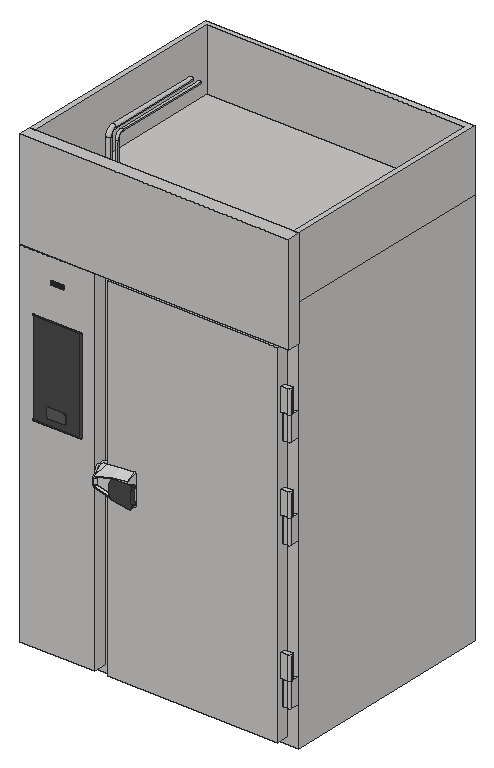
Revit family "QF_ZANUSSI_110556_ZBFA22LRE", category Specialty Equipment, Revit 2018
Family settings
  Round Connector Dimension = Use Radius
  Part Type = Normal
  Work Plane-Based = No
  Always vertical = Yes
  Cut with Voids When Loaded = No
  Shared = Yes
  Room Calculation Point = No
Parameters
  Weight = 0.00 kg
  Watts = 209.032 W
  Volts = 380 V
  URL Manufacturer = "http://www.zanussiprofessional.com"
  URL = "http://www.zanussiprofessional.com"
  Steam Supply Size = 0"
  Steam Supply Minimum Pressure = 0.00 psi
  Steam Supply Maximum Pressure = 0.00 psi
  Steam Pounds per Hour = 0
  Show Logo [instance] = yes
  Refrigeration Suction Line Size = 0"
  Refrigeration Liquid Line Size = 0"
  Refrigerant Compressor Remote = yes
  Phase = 3
  Model = "ZBFA22LRE"
  Manufacturer = "Zanussi"
  Length Actual = 1400 mm  # constant formula
  Item Number = "110556"
  Hot Water Size = 0"
  Height Actual = 2270 mm  # constant formula
  HP = "3 HP"
  Gas Size = 0"
  Gas KW = 0
  Gas Input Pressure = 0.0 Btu/h
  Description = "RAPIDO BLAST CHILLER FREEZER 150/120KG 20 GN 2/1 - REMOTE REFRIGERATING UNIT"
  Depth Actual = 1266 mm  # constant formula
  Cycle = 60 Hz
  Condensate Return Size = 0"
  Compressed Air Volume = 0 GPM
  Compressed Air Size = 0"
  Compressed Air Pressure = 0.00 psi
  Cold Water Size = 0"
  Assembly Code = ""
  Show Clearance [instance] = yes
  Accessory = yes
Reference planes
  plane 1 "BACK": y = 1
  plane 2: z = 0
  plane 3 "LEFT": x = 0
  plane 4 "RIGHT": x = 1400
  plane 5 "FRONT": y = -1205
  plane 6 "TOP": z = 2400
  plane 7 "Center Y": x = 700
  plane 8: y = -2155
  plane 9: y = -602
Forms (mm)
  Extrusion 1, solid, material "QF_Clearance", visible <- "Show Clearance", detail levels coarse
    sketch origin (0, 0, -70) x (1, 0, 0) y (0, 1, 0)
      loop
        line (0, -1205) -> (0, 1) -> (1400, 1) -> (1400, -1205) -> (1500, -1205) -> (1500, 101) -> (-100, 101) -> (-100, -1205) -> (0, -1205)
    from 70 to 2670
  Extrusion 2, solid, material "QF_Finishes_Stainless Steel"
    sketch origin (349.253, 33, 630.991) x (-1, 0, 0) y (0, -1, 0)
      loop
        line (349.253, 1172.759) -> (349.253, 1238) -> (-39.747, 1238) -> (-39.747, 1172.759) -> (349.253, 1172.759)
    from -597 to 1254
  Extrusion 3, solid, material "QF_Finishes_Stainless Steel"
    sketch origin (596.16, 27.971, -70) x (1, 0, 0) y (0, 1, 0)
      loop
        line (743.84, -1172.971) -> (-141.16, -1172.971) -> (-141.16, -1232.971) -> (743.84, -1232.971) -> (743.84, -1172.971)
    from 103.991 to 1945.25
  Extrusion 4, solid, material "QF_Door-Drawer Clearances", visible <- "Show Clearance", detail levels coarse
    sketch origin (875, -72.029, -91.802) x (-1, 0, 0) y (0, -1, 0)
      loop
        line (-465, 2025.971) -> (-465, 1132.971) -> (420, 1132.971)
        arc (420, 1132.971) -> (153.836, 1754.227) -> (-465, 2025.971) r 920
    from 125.793 to 1967.052
  Extrusion 5, solid, material "QF_Finishes_Stainless Steel"
    sketch origin (0, -1139.759, 0) x (0, 1, 0) y (-1, 0, 0)
      loop
        line (1140.759, 0) -> (0.759, 0) -> (0.759, -1400) -> (1140.759, -1400) -> (1140.759, 0)
    from 0 to 2080
  Extrusion 6, solid, material "QF_Finishes_Stainless Steel"
    sketch origin (0, 0, -70) x (0, 1, 0) y (0, 0, 1)
      loop
        line (-1139, 2470) -> (-1205, 2470) -> (-1205, 1956) -> (-1139, 1956) -> (-1139, 2470)
    from 0 to 1400
  Extrusion 7, solid, material "QF_Finishes_Stainless Steel"
    sketch origin (0, -1139.759, 2080) x (0, 1, 0) y (-1, 0, 0)
      loop
        line (1140.759, 0) -> (0.759, 0) -> (0.759, -27.807) -> (1112.952, -27.807) -> (1112.952, -1372.193) -> (0.759, -1372.193) -> (0.759, -1400) -> (1140.759, -1400) -> (1140.759, 0)
    from 0 to 320
  Extrusion 8, solid, material "QF_Clearance", visible <- "Show Clearance", detail levels coarse
    sketch origin (0, 0, 2400) x (-1, 0, 0) y (0, -1, 0)
      loop
        line (0, 1205) -> (-1400, 1205) -> (-1400, -1) -> (0, -1) -> (0, 1205)
    from 0 to 200
  Extrusion 9, solid, material "QF_Finishes_Stainless Steel"
    sketch origin (-390.239, -0.977, 1172.559) x (1, 0, 0) y (0, 1, 0)
      loop
        line (1730.239, -1159.557) -> (1730.239, -1186.759) -> (1771.078, -1186.759)
        arc (1771.078, -1186.759) -> (1778.149, -1183.83) -> (1781.078, -1176.759) r 10
        line (1781.078, -1176.759) -> (1781.078, -1169.557)
        arc (1781.078, -1169.557) -> (1778.149, -1162.486) -> (1771.078, -1159.557) r 10
        line (1771.078, -1159.557) -> (1730.239, -1159.557)
    from 398 to 516
  Extrusion 10, solid, material "QF_Finishes_Stainless Steel"
    sketch origin (-388.989, -0.977, 1172.559) x (1, 0, 0) y (0, 1, 0)
      loop
        line (1779.828, -1138.023) -> (1738.215, -1138.023) -> (1738.215, -1176.759)
        arc (1738.215, -1176.759) -> (1741.143, -1183.83) -> (1748.215, -1186.759) r 10
        line (1748.215, -1186.759) -> (1769.828, -1186.759)
        arc (1769.828, -1186.759) -> (1776.899, -1183.83) -> (1779.828, -1176.759) r 10
        line (1779.828, -1176.759) -> (1779.828, -1138.023)
    from 269 to 396
  Extrusion 11, solid, material "QF_Finishes_Handrails and Railings"
    sketch origin (0, -1205, -139.705) x (-1, 0, 0) y (0, 0, 1)
      loop
        arc (-455, 1022.346) -> (-433.392, 1027.289) -> (-413, 1035.976) r 124.815
        arc (-413, 1035.976) -> (-402.037, 1046.425) -> (-398, 1061.023) r 28.412
        line (-398, 1061.023) -> (-398, 1124.287)
        arc (-398, 1124.287) -> (-402.037, 1138.885) -> (-413, 1149.334) r 28.412
        arc (-413, 1149.334) -> (-433.392, 1158.021) -> (-455, 1162.964) r 124.815
        line (-455, 1162.964) -> (-455, 1022.346)
    from 0 to 25
  Extrusion 12, solid, material "QF_Finishes_Stainless Steel"
    sketch origin (0, 1, -70) x (1, 0, 0) y (0, 0, 1)
      loop
        circle (50.191, 2279.706) r 10
    from -2 to 0
  Extrusion 13, solid
    sketch origin (0, 0, -70) x (1, 0, 0) y (0, 1, 0)
      loop
        circle (271, -895) r 12.7
    from 180 to 190
  Sweep 14, solid, material "QF_Finishes_Stainless Steel"
    path in 3D
      loop
        line (196, -872.727, 2090) -> (196, -872.727, 2314.785)
        arc (196, -872.727, 2314.785) -> (196, -863.94, 2335.999) -> (196, -842.727, 2344.785) r 30
        line (196, -842.727, 2344.785) -> (196, -337, 2344.785)
    profile origin (196, -589.864, 2344.785) x (-1, 0, 0) y (0, 0, 1)
      loop
        circle (0, -0.785) r 11
  Sweep 15, solid, material "QF_Finishes_Stainless Steel"
    path in 3D
      loop
        line (239, -337, 2344) -> (239, -842.727, 2344)
        arc (239, -842.727, 2344) -> (239, -863.94, 2335.213) -> (239, -872.727, 2314) r 30
        line (239, -872.727, 2314) -> (239, -872.727, 2090)
    profile origin (239, -589.864, 2344) x (1, 0, 0) y (0, 0, 1)
      loop
        circle (0, 0) r 6
  Extrusion 16, solid, material "QF_Finishes_Stainless Steel"
    sketch origin (0, -1139.759, 2080) x (0, 1, 0) y (-1, 0, 0)
      loop
        line (272.791, -163.68) -> (262.791, -163.68)
        arc (262.791, -163.68) -> (252.185, -168.074) -> (247.791, -178.68) r 15
        line (247.791, -178.68) -> (247.791, -270.358)
        arc (247.791, -270.358) -> (252.185, -280.965) -> (262.791, -285.358) r 15
        line (262.791, -285.358) -> (272.791, -285.358)
        arc (272.791, -285.358) -> (283.398, -280.965) -> (287.791, -270.358) r 15
        line (287.791, -270.358) -> (287.791, -178.68)
        arc (287.791, -178.68) -> (283.398, -168.074) -> (272.791, -163.68) r 15
    from 0 to 10
  Blend 17, solid, material "QF_Finishes_Handrails and Railings"
    base sketch origin (0, -1205, -139.705) x (1, 0, 0) y (0, 0, 1)
      loop
        arc (455, 1162.964) -> (433.392, 1158.021) -> (413, 1149.334) r 124.815
        arc (413, 1149.334) -> (402.037, 1138.885) -> (398, 1124.287) r 28.412
        line (398, 1124.287) -> (398, 1061.023)
        arc (398, 1061.023) -> (402.037, 1046.425) -> (413, 1035.976) r 28.412
        arc (413, 1035.976) -> (433.392, 1027.289) -> (455, 1022.346) r 124.815
        arc (455, 1022.346) -> (524.77, 1014.896) -> (594.859, 1011.587) r 1185.63
        arc (594.859, 1011.587) -> (600.607, 1013.879) -> (603, 1019.586) r 8
        line (603, 1019.586) -> (603, 1165.724)
        arc (603, 1165.724) -> (600.607, 1171.431) -> (594.859, 1173.723) r 8
        arc (594.859, 1173.723) -> (524.77, 1170.414) -> (455, 1162.964) r 1185.63
    top sketch origin (0, -1205, -139.705) x (1, 0, 0) y (0, 0, 1)
      loop
        line (421, 1108.337) -> (421, 1076.973)
        arc (421, 1076.973) -> (423.295, 1069.915) -> (429.302, 1065.557) r 12
        arc (429.302, 1065.557) -> (515.086, 1044.22) -> (603, 1034.974) r 636.459
        line (603, 1034.974) -> (603, 1150.336)
        arc (603, 1150.336) -> (515.086, 1141.09) -> (429.302, 1119.753) r 636.459
        arc (429.302, 1119.753) -> (423.295, 1115.395) -> (421, 1108.337) r 12
    from 0 to 50
  Blend 18, void
    base sketch origin (0, -1255, -139.705) x (-1, 0, 0) y (0, 0, 1)
      loop
        arc (-430.843, 1114.996) -> (-515.866, 1136.151) -> (-603, 1145.333) r 631.459
        line (-603, 1145.333) -> (-603, 1039.977)
        arc (-603, 1039.977) -> (-515.866, 1049.159) -> (-430.843, 1070.314) r 631.459
        arc (-430.843, 1070.314) -> (-427.339, 1072.856) -> (-426, 1076.973) r 7
        line (-426, 1076.973) -> (-426, 1108.337)
        arc (-426, 1108.337) -> (-427.339, 1112.454) -> (-430.843, 1114.996) r 7
    top sketch origin (0, -1255, -139.705) x (-1, 0, 0) y (0, 0, 1)
      loop
        arc (-432.384, 1110.24) -> (-516.647, 1131.211) -> (-603, 1140.33) r 626.459
        line (-603, 1140.33) -> (-603, 1044.98)
        arc (-603, 1044.98) -> (-516.647, 1054.099) -> (-432.384, 1075.07) r 626.459
        arc (-432.384, 1075.07) -> (-431.382, 1075.797) -> (-431, 1076.973) r 2
        line (-431, 1076.973) -> (-431, 1108.337)
        arc (-431, 1108.337) -> (-431.382, 1109.513) -> (-432.384, 1110.24) r 2
    from 0 to 10
  Blend 19, solid, material "QF_Finishes_Black"
    base sketch origin (0, -1245, -139.705) x (1, 0, 0) y (0, 0, 1)
      loop
        arc (628.567, 1043.419) -> (622.014, 1092.655) -> (628.567, 1141.89) r 188.232
        arc (628.567, 1141.89) -> (627.358, 1147.991) -> (621.77, 1150.721) r 7
        arc (621.77, 1150.721) -> (572.304, 1148.509) -> (523.16, 1142.458) r 636.459
        arc (523.16, 1142.458) -> (507.711, 1092.655) -> (523.16, 1042.852) r 88
        arc (523.16, 1042.852) -> (572.304, 1036.801) -> (621.77, 1034.589) r 636.459
        arc (621.77, 1034.589) -> (627.358, 1037.319) -> (628.567, 1043.419) r 7
    top sketch origin (0, -1245, -139.705) x (1, 0, 0) y (0, 0, 1)
      loop
        arc (626.748, 1050.703) -> (622.014, 1092.655) -> (626.748, 1134.607) r 188.232
        arc (626.748, 1134.607) -> (625.775, 1138.85) -> (621.845, 1140.722) r 5
        arc (621.845, 1140.722) -> (569.023, 1138.185) -> (516.603, 1131.203) r 626.459
        arc (516.603, 1131.203) -> (507.711, 1092.655) -> (516.603, 1054.107) r 88
        arc (516.603, 1054.107) -> (569.023, 1047.124) -> (621.845, 1044.588) r 626.459
        arc (621.845, 1044.588) -> (625.775, 1046.46) -> (626.748, 1050.703) r 5
    from 20 to 0
  Extrusion 20, solid, material "QF_Finishes_Stainless Steel"
    sketch origin (-390.239, -0.977, 692.559) x (1, 0, 0) y (0, 1, 0)
      loop
        line (1730.239, -1159.557) -> (1730.239, -1186.759) -> (1771.078, -1186.759)
        arc (1771.078, -1186.759) -> (1778.149, -1183.83) -> (1781.078, -1176.759) r 10
        line (1781.078, -1176.759) -> (1781.078, -1169.557)
        arc (1781.078, -1169.557) -> (1778.149, -1162.486) -> (1771.078, -1159.557) r 10
        line (1771.078, -1159.557) -> (1730.239, -1159.557)
    from 398 to 516
  Extrusion 21, solid, material "QF_Finishes_Stainless Steel"
    sketch origin (-388.989, -0.977, 692.559) x (1, 0, 0) y (0, 1, 0)
      loop
        line (1779.828, -1138.023) -> (1738.215, -1138.023) -> (1738.215, -1176.759)
        arc (1738.215, -1176.759) -> (1741.143, -1183.83) -> (1748.215, -1186.759) r 10
        line (1748.215, -1186.759) -> (1769.828, -1186.759)
        arc (1769.828, -1186.759) -> (1776.899, -1183.83) -> (1779.828, -1176.759) r 10
        line (1779.828, -1176.759) -> (1779.828, -1138.023)
    from 269 to 396
  Extrusion 22, solid, material "QF_Finishes_Stainless Steel"
    sketch origin (-390.239, -0.977, -67.441) x (1, 0, 0) y (0, 1, 0)
      loop
        line (1730.239, -1159.557) -> (1730.239, -1186.759) -> (1771.078, -1186.759)
        arc (1771.078, -1186.759) -> (1778.149, -1183.83) -> (1781.078, -1176.759) r 10
        line (1781.078, -1176.759) -> (1781.078, -1169.557)
        arc (1781.078, -1169.557) -> (1778.149, -1162.486) -> (1771.078, -1159.557) r 10
        line (1771.078, -1159.557) -> (1730.239, -1159.557)
    from 398 to 516
  Extrusion 23, solid, material "QF_Finishes_Stainless Steel"
    sketch origin (-388.989, -0.977, -67.441) x (1, 0, 0) y (0, 1, 0)
      loop
        line (1779.828, -1138.023) -> (1738.215, -1138.023) -> (1738.215, -1176.759)
        arc (1738.215, -1176.759) -> (1741.143, -1183.83) -> (1748.215, -1186.759) r 10
        line (1748.215, -1186.759) -> (1769.828, -1186.759)
        arc (1769.828, -1186.759) -> (1776.899, -1183.83) -> (1779.828, -1176.759) r 10
        line (1779.828, -1176.759) -> (1779.828, -1138.023)
    from 269 to 396
  Extrusion 24, solid, material "QF_Door-Drawer Clearances", visible <- "Show Clearance", detail levels coarse
    sketch origin (167.029, -1956.84, -70) x (0, 1, 0) y (-1, 0, 0)
      loop
        line (751.84, -1172.971) -> (-141.16, -1172.971) -> (-141.16, -1232.971) -> (751.84, -1232.971) -> (751.84, -1172.971)
    from 103.991 to 1945.25
  Extrusion 25, solid, material "QF_Door-Drawer Clearances", visible <- "Show Clearance", detail levels coarse
    sketch origin (1400, -2553, -139.705) x (0, -1, 0) y (0, 0, 1)
      loop
        arc (-455, 1022.346) -> (-433.392, 1027.289) -> (-413, 1035.976) r 124.815
        arc (-413, 1035.976) -> (-402.037, 1046.425) -> (-398, 1061.023) r 28.412
        line (-398, 1061.023) -> (-398, 1124.287)
        arc (-398, 1124.287) -> (-402.037, 1138.885) -> (-413, 1149.334) r 28.412
        arc (-413, 1149.334) -> (-433.392, 1158.021) -> (-455, 1162.964) r 124.815
        line (-455, 1162.964) -> (-455, 1022.346)
    from 0 to 25
  Blend 26, solid, material "QF_Door-Drawer Clearances", visible <- "Show Clearance", detail levels coarse
    base sketch origin (1400, -2553, -139.705) x (0, 1, 0) y (0, 0, 1)
      loop
        arc (455, 1162.964) -> (433.392, 1158.021) -> (413, 1149.334) r 124.815
        arc (413, 1149.334) -> (402.037, 1138.885) -> (398, 1124.287) r 28.412
        line (398, 1124.287) -> (398, 1061.023)
        arc (398, 1061.023) -> (402.037, 1046.425) -> (413, 1035.976) r 28.412
        arc (413, 1035.976) -> (433.392, 1027.289) -> (455, 1022.346) r 124.815
        arc (455, 1022.346) -> (524.77, 1014.896) -> (594.859, 1011.587) r 1185.63
        arc (594.859, 1011.587) -> (600.607, 1013.879) -> (603, 1019.586) r 8
        line (603, 1019.586) -> (603, 1165.724)
        arc (603, 1165.724) -> (600.607, 1171.431) -> (594.859, 1173.723) r 8
        arc (594.859, 1173.723) -> (524.77, 1170.414) -> (455, 1162.964) r 1185.63
    top sketch origin (1400, -2553, -139.705) x (0, 1, 0) y (0, 0, 1)
      loop
        line (421, 1108.337) -> (421, 1076.973)
        arc (421, 1076.973) -> (423.295, 1069.915) -> (429.302, 1065.557) r 12
        arc (429.302, 1065.557) -> (515.086, 1044.22) -> (603, 1034.974) r 636.459
        line (603, 1034.974) -> (603, 1150.336)
        arc (603, 1150.336) -> (515.086, 1141.09) -> (429.302, 1119.753) r 636.459
        arc (429.302, 1119.753) -> (423.295, 1115.395) -> (421, 1108.337) r 12
    from 0 to 50
  Blend 27, void
    base sketch origin (1450, -2553, -139.705) x (0, -1, 0) y (0, 0, 1)
      loop
        arc (-430.843, 1114.996) -> (-515.866, 1136.151) -> (-603, 1145.333) r 631.459
        line (-603, 1145.333) -> (-603, 1039.977)
        arc (-603, 1039.977) -> (-515.866, 1049.159) -> (-430.843, 1070.314) r 631.459
        arc (-430.843, 1070.314) -> (-427.339, 1072.856) -> (-426, 1076.973) r 7
        line (-426, 1076.973) -> (-426, 1108.337)
        arc (-426, 1108.337) -> (-427.339, 1112.454) -> (-430.843, 1114.996) r 7
    top sketch origin (1450, -2553, -139.705) x (0, -1, 0) y (0, 0, 1)
      loop
        arc (-432.384, 1110.24) -> (-516.647, 1131.211) -> (-603, 1140.33) r 626.459
        line (-603, 1140.33) -> (-603, 1044.98)
        arc (-603, 1044.98) -> (-516.647, 1054.099) -> (-432.384, 1075.07) r 626.459
        arc (-432.384, 1075.07) -> (-431.382, 1075.797) -> (-431, 1076.973) r 2
        line (-431, 1076.973) -> (-431, 1108.337)
        arc (-431, 1108.337) -> (-431.382, 1109.513) -> (-432.384, 1110.24) r 2
    from 0 to 10
  Blend 28, solid, material "QF_Door-Drawer Clearances", visible <- "Show Clearance", detail levels coarse
    base sketch origin (1440, -2553, -139.705) x (0, 1, 0) y (0, 0, 1)
      loop
        arc (628.567, 1043.419) -> (622.014, 1092.655) -> (628.567, 1141.89) r 188.232
        arc (628.567, 1141.89) -> (627.358, 1147.991) -> (621.77, 1150.721) r 7
        arc (621.77, 1150.721) -> (572.304, 1148.509) -> (523.16, 1142.458) r 636.459
        arc (523.16, 1142.458) -> (507.711, 1092.655) -> (523.16, 1042.852) r 88
        arc (523.16, 1042.852) -> (572.304, 1036.801) -> (621.77, 1034.589) r 636.459
        arc (621.77, 1034.589) -> (627.358, 1037.319) -> (628.567, 1043.419) r 7
    top sketch origin (1440, -2553, -139.705) x (0, 1, 0) y (0, 0, 1)
      loop
        arc (626.748, 1050.703) -> (622.014, 1092.655) -> (626.748, 1134.607) r 188.232
        arc (626.748, 1134.607) -> (625.775, 1138.85) -> (621.845, 1140.722) r 5
        arc (621.845, 1140.722) -> (569.023, 1138.185) -> (516.603, 1131.203) r 626.459
        arc (516.603, 1131.203) -> (507.711, 1092.655) -> (516.603, 1054.107) r 88
        arc (516.603, 1054.107) -> (569.023, 1047.124) -> (621.845, 1044.588) r 626.459
        arc (621.845, 1044.588) -> (625.775, 1046.46) -> (626.748, 1050.703) r 5
    from 20 to -1
Cuts and joins
  Blend 18 cuts Blend 17
  joined: Extrusion 11, Blend 17
  Blend 18 cuts Extrusion 4
  Blend 27 cuts Blend 26
  Blend 27 cuts Blend 28
  joined: Extrusion 4, Extrusion 24, Extrusion 25, Blend 26, Blend 28
  joined: Extrusion 7, Extrusion 12
  joined: Extrusion 5, Extrusion 10, Sweep 14, Sweep 15, Extrusion 16, Extrusion 21, Extrusion 23
  joined: Extrusion 3, Extrusion 9, Extrusion 20, Extrusion 22
  joined: Extrusion 1, Extrusion 8
Lines and regions (mm)
  symbolic lines, style "QF-Clearances", visible <- "Show Clearance", detail levels coarse
    curve 1: line (-100, -1204.241, 70) -> (-100, 101, 70)
    curve 2: line (-100, 101, 70) -> (1500, 101, 70)
    curve 3: line (1500, 101, 70) -> (1500, -1204.241, 70)
  symbolic lines
    curve 4: line (185, -336.968, 70) -> (207, -336.968, 70)
    curve 5: line (207, -336.968, 70) -> (207, -871.942, 70)
    curve 6: line (233, -872.727, 70) -> (233, -337, 70)
    curve 7: line (233, -337, 70) -> (245, -337, 70)
    curve 8: line (245, -337, 70) -> (245, -872.727, 70)
    curve 9: line (245, -851.968, 70) -> (270.358, -851.968, 70)
    curve 10: arc (285.358, -866.968, 70) -> (280.965, -856.361, 70) -> (270.358, -851.968, 70) r 15
    curve 11: line (285.358, -876.968, 70) -> (285.358, -866.968, 70)
    curve 12: arc (270.358, -891.968, 70) -> (280.965, -887.575, 70) -> (285.358, -876.968, 70) r 15
    curve 13: line (178.68, -891.968, 70) -> (270.358, -891.968, 70)
    curve 14: arc (163.68, -876.968, 70) -> (168.074, -887.575, 70) -> (178.68, -891.968, 70) r 15
    curve 15: line (163.68, -866.968, 70) -> (163.68, -876.968, 70)
    curve 16: arc (178.68, -851.968, 70) -> (168.074, -856.361, 70) -> (163.68, -866.968, 70) r 15
    curve 17: arc (207, -871.942, 70) -> (196, -882.942, 70) -> (185, -871.942, 70) r 11
    curve 18: arc (233, -872.727, 70) -> (239, -878.727, 70) -> (245, -872.727, 70) r 6
    curve 19: line (178.68, -851.968, 70) -> (185, -851.968, 70)
    curve 20: line (185, -336.968, 70) -> (185, -871.942, 70)
    curve 21: line (207, -851.968, 70) -> (233, -851.968, 70)
    curve 22: line (0, 1, 70) -> (1400, 1, 70)
    curve 23: line (0, -1205, 70) -> (0, 1, 70)
    curve 24: line (1400, -1205, 70) -> (0, -1205, 70)
    curve 25: line (1400, 1, 70) -> (1400, -1205, 70)
    curve 26: line (27.807, -26.807, 70) -> (1372.193, -26.807, 70)
    curve 27: line (27.807, -1139, 70) -> (27.807, -26.807, 70)
    curve 28: line (1400, -1139, 70) -> (0, -1139, 70)
    curve 29: line (1372.193, -26.807, 70) -> (1372.193, -1139, 70)
    curve 30: line (75.5, -1210, 70) -> (313.5, -1210, 70)
    curve 31: line (75.5, -1210, 70) -> (67.5, -1205, 70)
    curve 32: line (313.5, -1210, 70) -> (321.5, -1205, 70)
    curve 33: line (421, -1255, 70) -> (398, -1205, 70)
    curve 34: line (421, -1255, 70) -> (603, -1255, 70)
    curve 35: line (603, -1255, 70) -> (603, -1205, 70)
    curve 36: line (603, -1245, 70) -> (626.748, -1245, 70)
    curve 37: line (626.748, -1245, 70) -> (628.811, -1265, 70)
    curve 38: line (628.811, -1265, 70) -> (507.711, -1265, 70)
    curve 39: line (507.711, -1265, 70) -> (507.711, -1255, 70)
  symbolic lines, style "QF_Door-Drawer Clearances", visible <- "Show Clearance"
    curve 40: line (1450, -2132, 70) -> (1400, -2155, 70)
    curve 41: line (1450, -2132, 70) -> (1450, -1950, 70)
    curve 42: line (1450, -1950, 70) -> (1400, -1950, 70)
    curve 43: line (1439, -1950, 70) -> (1439, -1926.126, 70)
    curve 44: line (1439, -1926.126, 70) -> (1460, -1924.189, 70)
    curve 45: line (1460, -1924.189, 70) -> (1460, -2045.289, 70)
    curve 46: line (1460, -2045.289, 70) -> (1450, -2045.289, 70)
    curve 47: line (1375, -2098, 70) -> (1375, -2155, 70)
    curve 48: line (1340, -2098, 70) -> (1400, -2098, 70)
    curve 49: arc (457.796, -1255, 70) -> (739.031, -1843.801, 70) -> (1340, -2098, 70) r 920
    curve 50: line (1400, -2155, 70) -> (1375, -2155, 70)
    curve 51: line (1400, -2098, 70) -> (1400, -1205, 70)
    curve 58: line (1340, -2098, 70) -> (1340, -1205, 70)
  sketch lines
    curve 52: line (196, -842.727, 2344.785) -> (196, -337, 2344.785)
    curve 53: arc (196, -872.727, 2314.785) -> (196, -863.94, 2335.999) -> (196, -842.727, 2344.785) r 30
    curve 54: line (196, -872.727, 2090) -> (196, -872.727, 2314.785)
    curve 55: line (239, -337, 2344) -> (239, -842.727, 2344)
    curve 56: arc (239, -842.727, 2344) -> (239, -863.94, 2335.213) -> (239, -872.727, 2314) r 30
    curve 57: line (239, -872.727, 2314) -> (239, -872.727, 2090)
Dimensions and locks
  plane 5 "FRONT" to plane 1 "BACK" = 1206 mm
  plane 6 "TOP" to level = 2400 mm
  plane 4 "RIGHT" to plane 3 "LEFT" = 1400 mm
  plane 3 "LEFT" to plane 4 "RIGHT" = 1400 mm
  equal spacing: plane 3 "LEFT", plane 7 "Center Y", plane 4 "RIGHT"
  plane 1 "BACK" to plane 5 "FRONT" = 1206 mm
  aligned and locked: level to plane 2
Automatic sketch dimensions
  plane 5 "FRONT" to Extrusion 1 sketch curve = 0 mm  (x2)
  Extrusion 1 sketch curve to plane 3 "LEFT" = 0 mm
  plane 1 "BACK" to Extrusion 1 sketch curve = 0 mm
  Extrusion 1 sketch curve to plane 4 "RIGHT" = 0 mm
  Extrusion 1 sketch curve to plane 3 "LEFT" = 100 mm
  plane 4 "RIGHT" to Extrusion 1 sketch curve = 100 mm
  Extrusion 1 sketch curve to plane 1 "BACK" = 100 mm
  plane 5 "FRONT" to Extrusion 2 sketch curve = 0 mm
  Extrusion 2 sketch curve to plane 3 "LEFT" = 0 mm
  Extrusion 2 sketch curve to plane 5 "FRONT" = 65.241 mm
  plane 5 "FRONT" to Extrusion 3 sketch curve = 0 mm
  Extrusion 3 sketch curve to plane 5 "FRONT" = 60 mm
  Extrusion 3 sketch curve to plane 4 "RIGHT" = 60 mm
  plane 5 "FRONT" to Extrusion 4 sketch curve = 0 mm
  Extrusion 4 sketch curve to plane 4 "RIGHT" = 25.377 mm
  Extrusion 4 sketch curve to Extrusion 4 sketch curve = 34.623 mm
  Extrusion 4 sketch curve to plane 5 "FRONT" = 26.348 mm
  Extrusion 5 sketch curve to plane 3 "LEFT" = 0 mm
  Extrusion 5 sketch curve to plane 4 "RIGHT" = 0 mm
  plane 1 "BACK" to Extrusion 5 sketch curve = 0 mm
  Extrusion 5 sketch curve to plane 5 "FRONT" = 66 mm
  Extrusion 6 sketch curve to plane 5 "FRONT" = 0 mm
  Extrusion 6 sketch curve to plane 5 "FRONT" = 66 mm
  Extrusion 6 sketch curve to plane 6 "TOP" = 514 mm
  plane 6 "TOP" to Extrusion 6 sketch curve = 0 mm
  Extrusion 5 to Extrusion 7 sketch curve = 0 mm
  Extrusion 7 sketch curve to Extrusion 5 = 0 mm  (x4)
  Extrusion 7 sketch curve to Extrusion 5 = 27.807 mm  (x3)
  Extrusion 8 sketch curve to plane 4 "RIGHT" = 0 mm
  plane 1 "BACK" to Extrusion 8 sketch curve = 0 mm
  Extrusion 8 sketch curve to plane 3 "LEFT" = 0 mm
  plane 5 "FRONT" to Extrusion 8 sketch curve = 0 mm
  Extrusion 9 sketch curve to plane 5 "FRONT" = 17.264 mm
  Extrusion 9 sketch curve to plane 4 "RIGHT" = 60 mm
  Extrusion 9 sketch curve to plane 4 "RIGHT" = 19.161 mm
  Extrusion 9 sketch curve to Extrusion 9 sketch curve = 0 mm
  Extrusion 9 sketch curve to plane 4 "RIGHT" = 9.161 mm
  Extrusion 9 sketch curve to Extrusion 9 sketch curve = 7.202 mm
  Extrusion 10 sketch curve to plane 5 "FRONT" = 27.264 mm
  Extrusion 10 sketch curve to plane 4 "RIGHT" = 50.775 mm
  Extrusion 10 sketch curve to Extrusion 10 sketch curve = 10 mm
  Extrusion 10 sketch curve to plane 4 "RIGHT" = 19.161 mm
  Extrusion 10 sketch curve to plane 4 "RIGHT" = 9.161 mm
  Extrusion 10 sketch curve to Extrusion 10 sketch curve = 38.736 mm
  plane 7 "Center Y" to Extrusion 11 sketch curve = 228.081 mm
  Extrusion 11 sketch curve to Extrusion 11 sketch curve = 0 mm
  Extrusion 11 sketch curve to Extrusion 11 sketch curve = 16.919 mm
  Extrusion 11 sketch curve to Extrusion 11 sketch curve = 28.588 mm  (x2)
  Extrusion 11 sketch curve to Extrusion 11 sketch curve = 28.412 mm
  level to Extrusion 11 sketch curve = 882.641 mm
  Extrusion 11 sketch curve to Extrusion 11 sketch curve = 16.954 mm  (x2)
  Extrusion 11 sketch curve to Extrusion 11 sketch curve = 38.676 mm
  Extrusion 11 sketch curve to Extrusion 11 sketch curve = 63.265 mm
  Extrusion 11 sketch curve to Extrusion 11 sketch curve = 21.722 mm
  plane 3 "LEFT" to Extrusion 12 sketch curve = 50.191 mm
  Extrusion 12 sketch curve to plane 6 "TOP" = 190.294 mm
  Extrusion 13 sketch curve to plane 9 = 293 mm
  Sweep 14 sketch curve to profile plane = 0 mm
  Sweep 14 sketch curve to profile plane = 0.785 mm
  profile plane to Sweep 15 sketch curve = 0 mm
  Sweep 15 sketch curve to profile plane = 0 mm
  Extrusion 16 sketch curve to Extrusion 5 = 247.032 mm
  Extrusion 16 sketch curve to Extrusion 16 sketch curve = 15 mm  (x3)
  Extrusion 16 sketch curve to Extrusion 16 sketch curve = 10 mm  (x2)
  Extrusion 16 sketch curve to Extrusion 5 = 285.358 mm
  Extrusion 16 sketch curve to Extrusion 16 sketch curve = 91.678 mm
  Blend 17 sketch curve to Extrusion 11 = 0 mm  (x4)
  Blend 17 sketch curve to Extrusion 11 = 28.412 mm
  Blend 17 sketch curve to Blend 17 sketch curve = 123.081 mm  (x2)
  Blend 17 sketch curve to Blend 17 sketch curve = 8 mm
  Extrusion 11 to Blend 17 sketch curve = 160.712 mm  (x2)
  Blend 17 sketch curve to Blend 17 sketch curve = 19.715 mm  (x2)
  Blend 17 sketch curve to Blend 17 sketch curve = 38.676 mm
  Blend 17 sketch curve to Extrusion 11 = 23 mm
  Blend 17 sketch curve to Blend 17 sketch curve = 12 mm  (x2)
  Extrusion 11 to Blend 17 sketch curve = 148 mm
  Extrusion 11 to Blend 17 sketch curve = 170.45 mm  (x2)
  Blend 17 sketch curve to Blend 17 sketch curve = 520.701 mm  (x2)
  Blend 17 sketch curve to Blend 17 sketch curve = 41.999 mm
  Blend 17 sketch curve to Blend 17 sketch curve = 31.364 mm
  Blend 17 sketch curve to Blend 17 sketch curve = 115.362 mm
  Blend 17 to Blend 18 sketch curve = 0 mm  (x2)
  Blend 18 sketch curve to Blend 18 sketch curve = 7 mm
  Blend 18 sketch curve to Blend 18 sketch curve = 31.364 mm  (x2)
  Blend 18 sketch curve to Blend 18 sketch curve = 2 mm
  Blend 18 to Blend 19 sketch curve = 18.811 mm  (x2)
  Blend 19 sketch curve to Blend 18 = 7.289 mm  (x2)
  Blend 19 sketch curve to Blend 19 sketch curve = 188.435 mm
  Blend 19 sketch curve to Blend 19 sketch curve = 7 mm  (x2)
  Blend 19 sketch curve to Blend 19 sketch curve = 51.066 mm  (x2)
  Blend 19 sketch curve to Blend 19 sketch curve = 0 mm  (x6)
  Blend 19 sketch curve to Blend 18 = 79.84 mm
  Blend 18 to Blend 19 sketch curve = 18.874 mm  (x2)
  Blend 19 sketch curve to Blend 19 sketch curve = 188.371 mm
  Blend 19 sketch curve to Blend 19 sketch curve = 5 mm  (x2)
  Blend 19 sketch curve to Blend 19 sketch curve = 43.067 mm  (x2)
  Blend 19 sketch curve to Blend 18 = 85.603 mm
  Extrusion 20 sketch curve to plane 5 "FRONT" = 17.264 mm
  Extrusion 20 sketch curve to plane 4 "RIGHT" = 60 mm
  Extrusion 20 sketch curve to plane 4 "RIGHT" = 19.161 mm
  Extrusion 20 sketch curve to Extrusion 20 sketch curve = 0 mm
  Extrusion 20 sketch curve to plane 4 "RIGHT" = 9.161 mm
  Extrusion 20 sketch curve to Extrusion 20 sketch curve = 7.202 mm
  Extrusion 21 sketch curve to plane 5 "FRONT" = 27.264 mm
  Extrusion 21 sketch curve to plane 4 "RIGHT" = 50.775 mm
  Extrusion 21 sketch curve to Extrusion 21 sketch curve = 10 mm
  Extrusion 21 sketch curve to plane 4 "RIGHT" = 19.161 mm
  Extrusion 21 sketch curve to plane 4 "RIGHT" = 9.161 mm
  Extrusion 21 sketch curve to Extrusion 21 sketch curve = 38.736 mm
  Extrusion 22 sketch curve to plane 5 "FRONT" = 17.264 mm
  Extrusion 22 sketch curve to plane 4 "RIGHT" = 60 mm
  Extrusion 22 sketch curve to plane 4 "RIGHT" = 19.161 mm
  Extrusion 22 sketch curve to Extrusion 22 sketch curve = 0 mm
  Extrusion 22 sketch curve to plane 4 "RIGHT" = 9.161 mm
  Extrusion 22 sketch curve to Extrusion 22 sketch curve = 7.202 mm
  Extrusion 23 sketch curve to plane 5 "FRONT" = 27.264 mm
  Extrusion 23 sketch curve to plane 4 "RIGHT" = 50.775 mm
  Extrusion 23 sketch curve to Extrusion 23 sketch curve = 10 mm
  Extrusion 23 sketch curve to plane 4 "RIGHT" = 19.161 mm
  Extrusion 23 sketch curve to plane 4 "RIGHT" = 9.161 mm
  Extrusion 23 sketch curve to Extrusion 23 sketch curve = 38.736 mm
  Extrusion 24 sketch curve to plane 4 "RIGHT" = 0 mm
  plane 5 "FRONT" to Extrusion 24 sketch curve = 0 mm
  Extrusion 24 sketch curve to plane 8 = 57 mm
  Extrusion 24 sketch curve to plane 4 "RIGHT" = 60 mm
  Extrusion 25 sketch curve to plane 8 = 0 mm
  Extrusion 25 sketch curve to Extrusion 25 sketch curve = 28.412 mm  (x2)
  Extrusion 25 sketch curve to Extrusion 25 sketch curve = 28.588 mm
  Extrusion 25 sketch curve to Extrusion 25 sketch curve = 16.919 mm  (x2)
  level to Extrusion 25 sketch curve = 882.641 mm
  Extrusion 25 sketch curve to Extrusion 25 sketch curve = 16.954 mm  (x2)
  Extrusion 25 sketch curve to Extrusion 25 sketch curve = 38.676 mm
  Extrusion 25 sketch curve to Extrusion 25 sketch curve = 63.265 mm
  Extrusion 25 sketch curve to Extrusion 25 sketch curve = 21.722 mm
  Blend 26 sketch curve to Extrusion 25 = 0 mm  (x4)
  Blend 26 sketch curve to Extrusion 25 = 28.412 mm
  Blend 26 sketch curve to Blend 26 sketch curve = 123.081 mm  (x2)
  Blend 26 sketch curve to Blend 26 sketch curve = 8 mm
  Extrusion 25 to Blend 26 sketch curve = 160.712 mm  (x2)
  Blend 26 sketch curve to Blend 26 sketch curve = 19.715 mm  (x2)
  Blend 26 sketch curve to Blend 26 sketch curve = 38.676 mm
  Blend 26 sketch curve to Extrusion 25 = 23 mm
  Blend 26 sketch curve to Blend 26 sketch curve = 12 mm  (x2)
  Extrusion 25 to Blend 26 sketch curve = 148 mm
  Extrusion 25 to Blend 26 sketch curve = 170.45 mm  (x2)
  Blend 26 sketch curve to Blend 26 sketch curve = 520.701 mm  (x2)
  Blend 26 sketch curve to Blend 26 sketch curve = 41.999 mm
  Blend 26 sketch curve to Blend 26 sketch curve = 31.364 mm
  Blend 26 sketch curve to Blend 26 sketch curve = 115.362 mm
  Blend 27 sketch curve to Blend 26 = 0 mm  (x2)
  Blend 27 sketch curve to Blend 27 sketch curve = 7 mm
  Blend 27 sketch curve to Blend 27 sketch curve = 31.364 mm  (x2)
  Blend 27 sketch curve to Blend 27 sketch curve = 2 mm
  Blend 27 to Blend 28 sketch curve = 18.811 mm  (x2)
  Blend 28 sketch curve to Blend 27 = 7.289 mm  (x2)
  Blend 28 sketch curve to Blend 28 sketch curve = 188.435 mm
  Blend 28 sketch curve to Blend 28 sketch curve = 7 mm  (x2)
  Blend 28 sketch curve to Blend 28 sketch curve = 51.066 mm  (x2)
  Blend 28 sketch curve to Blend 28 sketch curve = 0 mm  (x6)
  Blend 28 sketch curve to Blend 27 = 79.84 mm
  Blend 27 to Blend 28 sketch curve = 18.874 mm  (x2)
  Blend 28 sketch curve to Blend 28 sketch curve = 188.371 mm
  Blend 28 sketch curve to Blend 28 sketch curve = 5 mm  (x2)
  Blend 28 sketch curve to Blend 28 sketch curve = 43.067 mm  (x2)
  Blend 28 sketch curve to Blend 27 = 85.603 mm
  plane 7 "Center Y" to Extrusion 2 sketch curve = 311 mm
  plane 7 "Center Y" to Extrusion 3 sketch curve = 245 mm
  plane 7 "Center Y" to Extrusion 4 sketch curve = 245 mm
  plane 3 "LEFT" to Extrusion 13 sketch curve = 271 mm
  plane 8 to curve 47 = 0 mm
  curve 42 to plane 4 "RIGHT" = 0 mm
  plane 5 "FRONT" to curve 33 = 0 mm
  curve 28 to plane 3 "LEFT" = 0 mm
  plane 1 "BACK" to curve 22 = 0 mm
  curve 50 to plane 4 "RIGHT" = 0 mm
  curve 41 to plane 8 = 23 mm
  curve 48 to plane 8 = 57 mm
  curve 48 to curve 46 = 52.711 mm
  curve 46 to curve 41 = 95.289 mm
  plane 4 "RIGHT" to curve 44 = 39 mm
  curve 43 to curve 44 = 23.874 mm
  curve 43 to curve 45 = 1.937 mm
  plane 5 "FRONT" to curve 37 = 60 mm
  plane 5 "FRONT" to curve 34 = 50 mm
  curve 37 to curve 37 = 20 mm
  plane 5 "FRONT" to curve 30 = 5 mm
  curve 49 to plane 5 "FRONT" = 26.348 mm
  plane 3 "LEFT" to curve 13 = 178.68 mm
  curve 13 to plane 9 = 289.968 mm
  curve 13 to curve 14 = 15 mm
  curve 12 to curve 11 = 15 mm
  curve 12 to curve 18 = 4.241 mm
  curve 14 to curve 17 = 5.026 mm
  curve 14 to curve 15 = 10 mm
  curve 12 to curve 11 = 10 mm
  curve 10 to curve 9 = 15 mm
  curve 16 to curve 19 = 15 mm
  plane 9 to curve 7 = 265 mm
  curve 6 to curve 5 = 0.032 mm
  plane 1 "BACK" to curve 26 = 27.807 mm
  curve 2 to plane 1 "BACK" = 100 mm
  curve 42 to curve 43 = 11 mm
  curve 45 to curve 43 = 21 mm
  plane 4 "RIGHT" to curve 2 = 100 mm
  curve 40 to curve 47 = 25 mm
  curve 49 to plane 4 "RIGHT" = 25.377 mm
  curve 29 to plane 4 "RIGHT" = 27.807 mm
  curve 47 to curve 48 = 35 mm
  plane 7 "Center Y" to curve 37 = 71.189 mm
  curve 37 to curve 36 = 2.062 mm
  curve 36 to curve 34 = 23.748 mm
  curve 39 to curve 49 = 49.915 mm
  curve 49 to curve 33 = 36.796 mm
  curve 33 to curve 30 = 107.5 mm
  curve 11 to curve 16 = 106.678 mm
  curve 12 to curve 8 = 25.358 mm
  curve 8 to curve 18 = 6 mm
  curve 6 to curve 4 = 26 mm
  curve 5 to curve 17 = 11 mm
  plane 3 "LEFT" to curve 30 = 75.5 mm
  plane 3 "LEFT" to curve 27 = 27.807 mm
  curve 1 to plane 3 "LEFT" = 100 mm
  curve 3 to plane 5 "FRONT" = 0.759 mm
  curve 1 to plane 5 "FRONT" = 0.759 mm
  curve 49 to curve 29 = 39.652 mm
  curve 17 to curve 21 = 19.974 mm
  curve 33 to curve 33 = 23 mm
  curve 32 to curve 30 = 8 mm
  curve 30 to curve 31 = 8 mm
  radius of Extrusion 12 sketch curve = 10 mm
  radius of Extrusion 13 sketch curve = 12.7 mm
  radius of Sweep 14 sketch curve = 11 mm
  radius of Sweep 15 sketch curve = 6 mm
  radius of Blend 17 sketch curve to Extrusion 11 = 0 mm  (x3)
  radius of Blend 18 sketch curve to Blend 17 = 5 mm  (x3)
  radius of Blend 18 sketch curve to Blend 17 = 10 mm  (x3)
  radius of Blend 18 to Blend 19 sketch curve = 10 mm  (x2)
  radius of Blend 19 sketch curve to Blend 18 = 0 mm  (x2)
  radius of Blend 26 sketch curve to Extrusion 25 = 0 mm  (x3)
  radius of Blend 27 sketch curve to Blend 26 = 5 mm  (x3)
  radius of Blend 27 sketch curve to Blend 26 = 10 mm  (x3)
  radius of Blend 27 to Blend 28 sketch curve = 10 mm  (x2)
  radius of Blend 28 sketch curve to Blend 27 = 0 mm  (x2)
Nested families
  nested 1: "ZAN_Touch" at (194.5, -1205, 1338.103) x (1, 0, 0) z (0, -1, 0), type "ZAN_Touch"
  nested 2: "ZAN_Logo_XS" at (194.5, -1205, 1764.991) x (1, 0, 0) z (0, -1, 0), visible <- "Show Logo", type "ZAN_Logo_XS"
Connectors
  piping at (271, -895, 110), diameter 25.4
    settings: on Extrusion 13, index 5, connector inside diameter 24", connector length 0 mm, flow factor 0, pipe flow 0 GPM, pressure drop 0.00 psi, fitting loss kfactor 0, connector angle 0.00°, fixture units 0, engagement length 0 mm, angle of deflection 0.00°, flow configuration 1, flow direction 2, fitting loss method 0, system type 16, joint type 0, gender type 0, connector reference index -1, connector utility 0, adjustable connector no, is connector primary yes, connector description "Drain"
  electrical at (50.191, 3, 2209.706), driven by "Volts"
    settings: on Extrusion 12, index 6, voltage 380 V, apparent load 0 VA, apparent load phase1 0 VA, apparent load phase2 0 VA, apparent load phase3 0 VA, power factor 1, load classification "Altro", number of poles 1, system type 30, power factor state 1, is connector primary yes, connector utility no, sub classification motor no, connector description "Electrical Connection"
  piping at (239, -337, 2344), diameter 12
    settings: on Sweep 15, index 7, connector inside diameter 24", connector length 0 mm, flow factor 0, pipe flow 0 GPM, pressure drop 0.00 psi, fitting loss kfactor 0, connector angle 0.00°, fixture units 0, engagement length 0 mm, angle of deflection 0.00°, flow configuration 1, flow direction 1, fitting loss method 0, system type 8, joint type 0, gender type 0, connector reference index -1, connector utility 0, adjustable connector no, is connector primary no, connector description "Refrigerant Outlet"
  piping at (196, -337, 2344), diameter 22
    settings: on Sweep 14, index 8, connector inside diameter 24", connector length 0 mm, flow factor 0, pipe flow 0 GPM, pressure drop 0.00 psi, fitting loss kfactor 0, connector angle 0.00°, fixture units 0, engagement length 0 mm, angle of deflection 0.00°, flow configuration 1, flow direction 1, fitting loss method 0, system type 7, joint type 0, gender type 0, connector reference index -1, connector utility 0, adjustable connector no, is connector primary no, connector description "Refrigerant Inlet"
Definition of nested family "ZAN_Touch"
  Parameters
    Default Elevation = 1219.2 mm
  Reference planes
    plane 1 "Centro (Fronte/Retro)": y = 0
    plane 2: z = 0
    plane 3 "Centro (Sinistra/Destra)": x = 0
  Forms (mm)
    Extrusion 1, solid
      sketch origin (0, 0, 0) x (1, 0, 0) y (0, 1, 0)
        loop
          line (-1219.2, 1219.2) -> (-1219.2, -1219.2) -> (1219.2, -1219.2) -> (1219.2, 1219.2) -> (-1219.2, 1219.2)
      from 0 to -304.8
    Extrusion 2, solid
      sketch origin (0, 0, 5) x (1, 0, 0) y (0, 1, 0)
        loop
          line (-47, -160) -> (-47, -202)
          arc (-47, -202) -> (-45.536, -205.535) -> (-42, -207) r 5
          line (-42, -207) -> (42, -207)
          arc (42, -207) -> (45.536, -205.535) -> (47, -202) r 5
          line (47, -202) -> (47, -160)
          arc (47, -160) -> (45.536, -156.465) -> (42, -155) r 5
          line (42, -155) -> (-42, -155)
          arc (-42, -155) -> (-45.536, -156.465) -> (-47, -160) r 5
      from 0 to 2
    Blend 3, solid
      base sketch origin (0, 0, 0) x (1, 0, 0) y (0, 1, 0)
        loop
          line (-127, 244) -> (-127, -244)
          arc (-127, -244) -> (-125.536, -247.536) -> (-122, -249) r 5
          line (-122, -249) -> (122, -249)
          arc (122, -249) -> (125.536, -247.536) -> (127, -244) r 5
          line (127, -244) -> (127, 244)
          arc (127, 244) -> (125.536, 247.536) -> (122, 249) r 5
          line (122, 249) -> (-122, 249)
          arc (-122, 249) -> (-125.536, 247.536) -> (-127, 244) r 5
      top sketch origin (0, 0, 0) x (1, 0, 0) y (0, 1, 0)
        loop
          line (-119, -241) -> (119, -241) -> (119, 241) -> (-119, 241) -> (-119, -241)
      from 0 to 5
  Lines and regions (mm)
    Split face 1
      outline origin (0, 0, 5) x (1, 0, 0) y (0, 1, 0)
        loop
          line (-70.506, 46.167) -> (70.506, 46.167) -> (70.506, 214.829) -> (-70.506, 214.829) -> (-70.506, 46.167)
    Split face 2
      outline origin (0, 0, 5) x (1, 0, 0) y (0, 1, 0)
        loop
          line (-47.467, 50.825) -> (47.467, 50.825) -> (47.467, 210.171) -> (-47.467, 210.171) -> (-47.467, 50.825)
    Split face 3
      outline origin (0, 0, 5) x (1, 0, 0) y (0, 1, 0)
        loop
          line (116.89, 241) -> (114.093, 80.78)
          arc (114.093, 80.78) -> (111.629, 50.696) -> (105.329, 21.176) r 235
          arc (105.329, 21.176) -> (102.404, 0) -> (105.329, -21.176) r 78.117
          arc (105.329, -21.176) -> (111.629, -50.696) -> (114.093, -80.78) r 235
          line (114.093, -80.78) -> (116.89, -241)
  Dimensions and locks
    aligned and locked: plane 2 to Extrusion 1
    aligned and locked: level to Extrusion 1
Definition of nested family "ZAN_Logo_XS"
  Parameters
    Default Elevation = 0 mm
    M [instance] = none
  Reference planes
    plane 1 "Centro (Fronte/Retro)": y = 0
    plane 2: z = 0
    plane 3 "Centro (Sinistra/Destra)": x = 0
  Forms (mm)
    Extrusion 1, solid
      sketch origin (0, 0, 0) x (1, 0, 0) y (0, 1, 0)
        loop
          line (-1219.2, 1219.2) -> (-1219.2, -1219.2) -> (1219.2, -1219.2) -> (1219.2, 1219.2) -> (-1219.2, 1219.2)
      from 0 to -304.8
    Extrusion 2, solid, material <- "M"
      sketch origin (17.793, -46.218, 0) x (-1, 0, 0) y (0, -1, 0)
        loop
          spline (1.911, -54.793) -> (2.402, -54.973) -> (2.91, -55.105) -> (3.43, -55.191) -> (3.955, -55.229) -> (4.482, -55.219) -> (5.006, -55.161) -> (5.521, -55.054) -> (6.022, -54.898) -> (6.506, -54.693) -> (6.966, -54.438) -> (7.398, -54.133) -> (7.797, -53.778)
          spline (7.797, -53.778) -> (8.033, -53.407) -> (8.237, -53.008) -> (8.407, -52.586) -> (8.544, -52.147) -> (8.65, -51.697) -> (8.723, -51.241) -> (8.764, -50.785) -> (8.774, -50.335) -> (8.753, -49.897) -> (8.701, -49.475) -> (8.619, -49.075) -> (8.507, -48.704)
          line (8.507, -48.704) -> (6.883, -46.37) -> (5.158, -44.848) -> (3.027, -42.716)
          spline (3.027, -42.716) -> (3.002, -42.56) -> (2.979, -42.398) -> (2.962, -42.23) -> (2.952, -42.059) -> (2.951, -41.886) -> (2.963, -41.714) -> (2.99, -41.545) -> (3.034, -41.378) -> (3.098, -41.218) -> (3.184, -41.065) -> (3.295, -40.921) -> (3.433, -40.788)
          line (3.433, -40.788) -> (4.752, -40.687)
          spline (4.752, -40.687) -> (4.999, -40.855) -> (5.185, -41.053) -> (5.32, -41.275) -> (5.41, -41.518) -> (5.463, -41.775) -> (5.488, -42.044) -> (5.491, -42.319) -> (5.481, -42.596) -> (5.466, -42.87) -> (5.452, -43.137) -> (5.448, -43.392) -> (5.462, -43.63)
          line (5.462, -43.63) -> (9.014, -43.63)
          spline (9.014, -43.63) -> (9.056, -43.199) -> (9.08, -42.769) -> (9.084, -42.342) -> (9.067, -41.92) -> (9.027, -41.503) -> (8.964, -41.093) -> (8.875, -40.691) -> (8.759, -40.3) -> (8.615, -39.919) -> (8.441, -39.552) -> (8.237, -39.198) -> (7.999, -38.86)
          spline (7.999, -38.86) -> (7.708, -38.596) -> (7.394, -38.361) -> (7.059, -38.155) -> (6.707, -37.977) -> (6.338, -37.828) -> (5.957, -37.706) -> (5.565, -37.612) -> (5.165, -37.545) -> (4.76, -37.504) -> (4.351, -37.491) -> (3.942, -37.503) -> (3.534, -37.541)
          spline (3.534, -37.541) -> (3.104, -37.608) -> (2.677, -37.709) -> (2.258, -37.842) -> (1.85, -38.007) -> (1.459, -38.203) -> (1.086, -38.429) -> (0.737, -38.685) -> (0.415, -38.969) -> (0.123, -39.282) -> (-0.133, -39.622) -> (-0.35, -39.989) -> (-0.525, -40.383)
          spline (-0.525, -40.383) -> (-0.633, -40.866) -> (-0.704, -41.352) -> (-0.738, -41.837) -> (-0.736, -42.318) -> (-0.698, -42.794) -> (-0.627, -43.262) -> (-0.521, -43.719) -> (-0.382, -44.164) -> (-0.211, -44.592) -> (-0.008, -45.003) -> (0.226, -45.394) -> (0.49, -45.761)
          line (0.49, -45.761) -> (4.549, -49.414) -> (5.056, -50.023) -> (5.259, -51.647) -> (4.042, -52.256) -> (3.027, -51.546) -> (2.925, -49.414) -> (-0.424, -49.414) -> (-0.22, -52.865)
          spline (-0.22, -52.865) -> (-0.13, -53.068) -> (-0.013, -53.268) -> (0.127, -53.466) -> (0.287, -53.658) -> (0.464, -53.843) -> (0.655, -54.019) -> (0.856, -54.185) -> (1.065, -54.338) -> (1.278, -54.478) -> (1.492, -54.601) -> (1.704, -54.707) -> (1.911, -54.793)
        loop
          spline (-10.267, -52.966) -> (-9.987, -53.421) -> (-9.658, -53.822) -> (-9.284, -54.17) -> (-8.873, -54.466) -> (-8.429, -54.711) -> (-7.959, -54.907) -> (-7.467, -55.054) -> (-6.96, -55.154) -> (-6.443, -55.207) -> (-5.922, -55.214) -> (-5.402, -55.178) -> (-4.889, -55.098)
          spline (-4.889, -55.098) -> (-4.532, -55.03) -> (-4.176, -54.93) -> (-3.825, -54.799) -> (-3.483, -54.639) -> (-3.156, -54.45) -> (-2.847, -54.235) -> (-2.561, -53.994) -> (-2.303, -53.729) -> (-2.077, -53.442) -> (-1.889, -53.134) -> (-1.742, -52.805) -> (-1.641, -52.459)
          spline (-1.641, -52.459) -> (-1.485, -51.997) -> (-1.371, -51.525) -> (-1.299, -51.049) -> (-1.269, -50.572) -> (-1.282, -50.098) -> (-1.337, -49.63) -> (-1.434, -49.173) -> (-1.574, -48.73) -> (-1.756, -48.306) -> (-1.98, -47.904) -> (-2.246, -47.528) -> (-2.555, -47.182)
          line (-2.555, -47.182) -> (-6.31, -43.833) -> (-7.121, -42.615)
          spline (-7.121, -42.615) -> (-7.146, -42.461) -> (-7.169, -42.304) -> (-7.188, -42.144) -> (-7.2, -41.984) -> (-7.204, -41.823) -> (-7.198, -41.664) -> (-7.178, -41.506) -> (-7.144, -41.352) -> (-7.093, -41.202) -> (-7.023, -41.058) -> (-6.932, -40.919) -> (-6.817, -40.788)
          line (-6.817, -40.788) -> (-5.802, -40.585)
          spline (-5.802, -40.585) -> (-5.443, -40.671) -> (-5.17, -40.818) -> (-4.971, -41.02) -> (-4.836, -41.266) -> (-4.753, -41.547) -> (-4.711, -41.854) -> (-4.699, -42.178) -> (-4.705, -42.51) -> (-4.718, -42.84) -> (-4.726, -43.16) -> (-4.719, -43.46) -> (-4.686, -43.731)
          line (-4.686, -43.731) -> (-1.134, -43.63)
          spline (-1.134, -43.63) -> (-1.09, -43.193) -> (-1.063, -42.747) -> (-1.055, -42.296) -> (-1.07, -41.845) -> (-1.112, -41.396) -> (-1.185, -40.953) -> (-1.291, -40.522) -> (-1.435, -40.104) -> (-1.619, -39.705) -> (-1.848, -39.329) -> (-2.125, -38.978) -> (-2.453, -38.657)
          spline (-2.453, -38.657) -> (-2.873, -38.351) -> (-3.319, -38.09) -> (-3.785, -37.876) -> (-4.269, -37.706) -> (-4.765, -37.582) -> (-5.269, -37.503) -> (-5.778, -37.468) -> (-6.287, -37.477) -> (-6.792, -37.53) -> (-7.288, -37.626) -> (-7.771, -37.765) -> (-8.238, -37.947)
          spline (-8.238, -37.947) -> (-8.443, -38.033) -> (-8.65, -38.14) -> (-8.858, -38.264) -> (-9.065, -38.405) -> (-9.269, -38.562) -> (-9.468, -38.733) -> (-9.661, -38.917) -> (-9.846, -39.112) -> (-10.022, -39.317) -> (-10.185, -39.53) -> (-10.335, -39.751) -> (-10.47, -39.977)
          spline (-10.47, -39.977) -> (-10.65, -40.464) -> (-10.783, -40.962) -> (-10.87, -41.467) -> (-10.91, -41.976) -> (-10.904, -42.487) -> (-10.851, -42.996) -> (-10.752, -43.501) -> (-10.606, -43.998) -> (-10.413, -44.486) -> (-10.174, -44.961) -> (-9.889, -45.421) -> (-9.557, -45.863)
          line (-9.557, -45.863) -> (-5.295, -49.719) -> (-4.787, -51.038) -> (-5.193, -52.053) -> (-6.107, -52.256) -> (-7.121, -51.546) -> (-7.223, -49.516) -> (-10.673, -49.414)
          spline (-10.673, -49.414) -> (-10.656, -49.721) -> (-10.65, -50.03) -> (-10.653, -50.341) -> (-10.658, -50.651) -> (-10.662, -50.96) -> (-10.661, -51.267) -> (-10.648, -51.569) -> (-10.621, -51.865) -> (-10.573, -52.154) -> (-10.502, -52.435) -> (-10.401, -52.706) -> (-10.267, -52.966)
        loop
          line (-11.282, -37.541) -> (-14.834, -37.541) -> (-14.834, -54.894) -> (-11.282, -54.894) -> (-11.282, -37.541)
        loop
          line (15.205, -41.702) -> (15.205, -54.894) -> (18.757, -54.894) -> (18.757, -43.224) -> (18.554, -40.383)
          arc (18.554, -40.383) -> (17.093, -38.328) -> (14.698, -37.541) r 4.037
          line (14.698, -37.541) -> (13.074, -37.541) -> (12.262, -37.744)
          arc (12.262, -37.744) -> (10.306, -39.004) -> (9.522, -41.194) r 3.619
          line (9.522, -41.194) -> (9.522, -54.894) -> (13.074, -54.894) -> (13.074, -42.006) -> (13.479, -41.093) -> (14.596, -40.991) -> (15.205, -41.702)
        loop
          line (19.569, -54.894) -> (22.816, -54.894) -> (22.816, -43.833) -> (25.759, -54.894) -> (29.514, -54.894) -> (29.514, -37.541) -> (26.368, -37.541) -> (26.368, -49.008) -> (23.425, -37.541) -> (19.569, -37.541) -> (19.569, -54.894)
        loop
          line (41.184, -54.894) -> (50.013, -54.894) -> (50.013, -51.647) -> (45.345, -51.749) -> (50.419, -41.093) -> (50.419, -37.541) -> (41.184, -37.541) -> (41.184, -41.093) -> (46.511, -41.093) -> (41.184, -51.952) -> (41.184, -54.894)
        loop
          line (32.964, -54.894) -> (37.835, -54.894) -> (40.981, -37.541) -> (37.328, -37.541) -> (36.821, -40.89) -> (33.878, -40.89) -> (33.37, -37.541) -> (29.717, -37.541) -> (32.964, -54.894)
        loop
          line (36.415, -44.036) -> (34.385, -44.036) -> (35.4, -51.928) -> (36.415, -44.036)
      from 0 to 1.644
  Dimensions and locks
    aligned and locked: plane 2 to Extrusion 1
    aligned and locked: level to Extrusion 1
